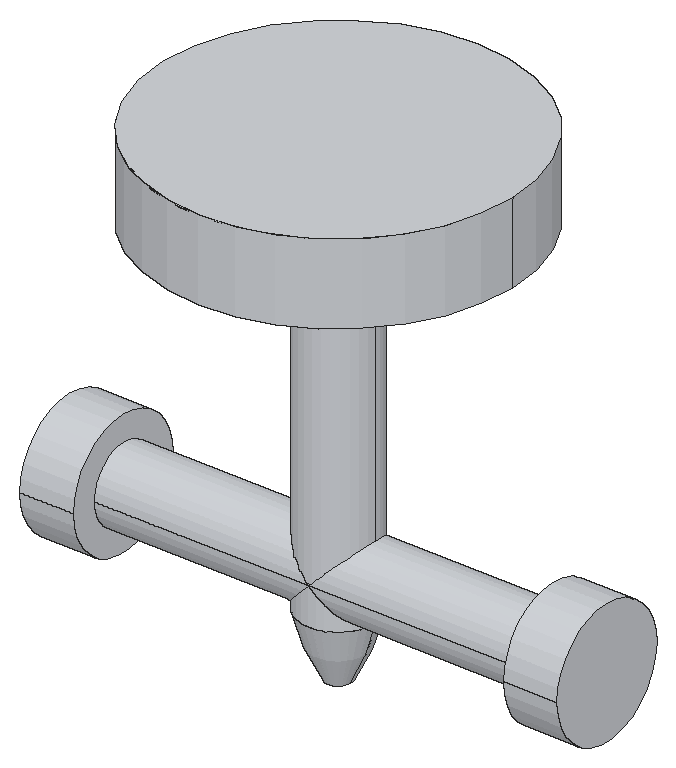
Revit family "M_Check Valve_Fitting", category Pipe Accessories, Revit 2017
Family settings
  Round Connector Dimension = Use Radius
  Part Type = Valve - Breaks Into
  OmniClass Number = 23.65.55.14.21
  OmniClass Title = Non-Return Valves for Liquid Services
  Work Plane-Based = No
  Always vertical = Yes
  Cut with Voids When Loaded = No
  Shared = No
Parameters (values of type "10 mm")
  Width 1 = Symbol Width / 8  # 1.876 mm
  Valve Material = none
  Symbol Width = 0.5 * Body Length * tan(30.00°)  # 15.011 mm
  Nominal Radius = 5 mm
  Nominal Diameter = Nominal Radius * 2  # 10 mm
  Length 2 = Symbol Width / 2  # 7.506 mm
  Length 1 = Body Radius / 3  # 1.2 mm
  K Coefficient = 0.35
  Height 1 = 6 mm
  Cover Thickness = 0.15 * Body Length  # 7.8 mm
  Cover Radius = Cover Diameter / 2  # 16.9 mm
  Cover Height = 38 mm
  Cover Diameter = 0.65 * Body Length  # 33.8 mm
  Body Radius = Body Diameter / 2  # 3.6 mm
  Body Length = 52 mm
  Body Diameter = 0.6 * Adapter Diameter  # 7.2 mm
  Adapter Radius = Adapter Diameter / 2  # 6 mm
  Adapter Length = 0.1 * Body Length  # 5.2 mm
  Adapter Diameter = 1.2 * Nominal Diameter  # 12 mm
Types (10, lengths in mm): name | Width 1 | Symbol Width | Nominal Radius | Nominal Diameter | Length 2 | Length 1 | K Coefficient | Height 1 | Cover Thickness | Cover Radius | Cover Height | Cover Diameter | Body Radius | Body Length | Body Diameter | Adapter Radius | Adapter Length | Adapter Diameter
  100 mm | 6.64 | 53.116 | 50 | 100 | 26.558 | 12 | 0.21 | 32 | 27.6 | 59.8 | 114 | 119.6 | 36 | 184 | 72 | 60 | 18.4 | 120
  10 mm | 1.876 | 15.011 | 5 | 10 | 7.506 | 1.2 | 0.35 | 6 | 7.8 | 16.9 | 38 | 33.8 | 3.6 | 52 | 7.2 | 6 | 5.2 | 12
  20 mm | 2.165 | 17.321 | 10 | 20 | 8.66 | 2.4 | 0.32 | 6 | 9 | 19.5 | 43 | 39 | 7.2 | 60 | 14.4 | 12 | 6 | 24
  80 mm | 5.377 | 43.013 | 40 | 80 | 21.506 | 9.6 | 0.32 | 25 | 22.35 | 48.425 | 95 | 96.85 | 28.8 | 149 | 57.6 | 48 | 14.9 | 96
  50 mm | 3.897 | 31.177 | 25 | 50 | 15.588 | 6 | 0.25 | 19 | 16.2 | 35.1 | 73 | 70.2 | 18 | 108 | 36 | 30 | 10.8 | 60
  65 mm | 5.052 | 40.415 | 32.5 | 65 | 20.207 | 7.8 | 0.24 | 19 | 21 | 45.5 | 89 | 91 | 23.4 | 140 | 46.8 | 39 | 14 | 78
  15 mm | 2.057 | 16.454 | 7.5 | 15 | 8.227 | 1.8 | 0.32 | 6 | 8.55 | 18.525 | 38 | 37.05 | 5.4 | 57 | 10.8 | 9 | 5.7 | 18
  25 mm | 2.526 | 20.207 | 12.5 | 25 | 10.104 | 3 | 0.31 | 13 | 10.5 | 22.75 | 49 | 45.5 | 9 | 70 | 18 | 15 | 7 | 30
  32 mm | 2.995 | 23.96 | 16 | 32 | 11.98 | 3.84 | 0.3 | 13 | 12.45 | 26.975 | 56 | 53.95 | 11.52 | 83 | 23.04 | 19.2 | 8.3 | 38.4
  40 mm | 3.32 | 26.558 | 20 | 40 | 13.279 | 4.8 | 0.28 | 13 | 13.8 | 29.9 | 59 | 59.8 | 14.4 | 92 | 28.8 | 24 | 9.2 | 48
Reference planes
  plane 1 "Center (Front/Back)": y = 0
  plane 2: z = 0
  plane 3 "Center (Left/Right)": x = 0
  plane 4: x = -26
  plane 5: x = 26
  plane 6: x = -20.8
  plane 7: x = 20.8
  plane 8: z = 30.2
  plane 9: z = 38
  plane 10: z = -3.6
  plane 11: z = -9.6
  plane 12: x = -1.2
  plane 13: x = -3.6
  plane 14: y = 6
  plane 15: y = -6
  plane 16: y = 15.011
  plane 17: y = -15.011
  plane 18: y = 16.887
  plane 19: y = 18.764
  plane 20: x = 13.294
Forms (mm)
  Extrusion 1, solid, material <- "Valve Material", detail levels fine
    sketch origin (0, 0, 0) x (0, 1, 0) y (0, 0, 1)
      loop
        circle (0, 0) r 3.6
    from -20.8 to 20.8
  Extrusion 2, solid, material <- "Valve Material", detail levels fine
    sketch origin (0, 0, 0) x (0, 1, 0) y (0, 0, 1)
      loop
        circle (0, 0) r 6
    from -26 to -20.8
  Extrusion 3, solid, material <- "Valve Material", detail levels fine
    sketch origin (0, 0, 0) x (0, 1, 0) y (0, 0, 1)
      loop
        circle (0, 0) r 6
    from 20.8 to 26
  Extrusion 4, solid, material <- "Valve Material", detail levels fine
    sketch origin (0, 0, 0) x (1, 0, 0) y (0, 1, 0)
      loop
        circle (0, 0) r 3.6
    from -3.6 to 30.2
  Extrusion 5, solid, material <- "Valve Material", detail levels fine
    sketch origin (0, 0, 0) x (1, 0, 0) y (0, 1, 0)
      loop
        circle (0, 0) r 16.9
    from 30.2 to 38
  Revolve 6, solid, material <- "Valve Material", detail levels fine
    sketch origin (0, 0, 0) x (1, 0, 0) y (0, 0, 1)
      loop
        arc (-3.6, -3.6) -> (-2.626, -6.69) -> (-1.2, -9.6) r 21.597
        line (-1.2, -9.6) -> (0, -9.6) -> (0, -3.6) -> (-3.6, -3.6)
      axis (0, -3.6) -> (0, -9.6)
    angle from 0 to 360
Cuts and joins
  joined: Extrusion 1, Extrusion 2, Extrusion 3, Extrusion 4, Extrusion 5, Revolve 6
Lines and regions (mm)
  model lines, detail levels coarse+medium
    curve 1: line (-26, 15.011, 0) -> (26, -15.011, 0)
    curve 2: line (-26, 15.011, 0) -> (-26, -15.011, 0)
    curve 3: line (26, 15.011, 0) -> (26, -15.011, 0)
    curve 4: line (-20.8, 16.887, 0) -> (20.8, 16.887, 0)
    curve 5: line (20.8, 16.887, 0) -> (13.294, 18.764, 0)
    curve 6: line (13.294, 18.764, 0) -> (13.294, 16.887, 0)
Dimensions and locks
  equal spacing: plane 4, plane 3 "Center (Left/Right)", plane 5
  "Body Length": plane 4 to plane 5
  "Adapter Length": plane 4 to plane 6
  "Adapter Length": plane 7 to plane 5
  "Cover Thickness": plane 9 to plane 8
  "Cover Height": plane 9 to plane 2
  "Body Radius": plane 2 to plane 10
  "Height 1": plane 10 to plane 11
  "Length 1": plane 3 "Center (Left/Right)" to plane 12
  "Body Radius": plane 3 "Center (Left/Right)" to plane 13
  "Adapter Radius": plane 14 to plane 1 "Center (Front/Back)"
  "Adapter Radius": plane 1 "Center (Front/Back)" to plane 15
  "Symbol Width": plane 16 to plane 1 "Center (Front/Back)"
  "Symbol Width": plane 1 "Center (Front/Back)" to plane 17
  "Width 1": plane 18 to plane 16
  "Width 1": plane 19 to plane 18
  "Length 2": plane 20 to plane 7
  "Body Radius": radius of Extrusion 1 sketch curve
  "Adapter Radius": radius of Extrusion 2 sketch curve
  "Adapter Radius": radius of Extrusion 3 sketch curve
  "Body Radius": radius of Extrusion 4 sketch curve
  "Cover Radius": radius of Extrusion 5 sketch curve
  aligned and locked: plane 2 to Extrusion 1 sketch curve
  aligned and locked: plane 1 "Center (Front/Back)" to Extrusion 1 sketch curve
  aligned and locked: Extrusion 1 to plane 6
  aligned and locked: plane 7 to Extrusion 1
  aligned and locked: plane 2 to Extrusion 2 sketch curve
  aligned and locked: plane 1 "Center (Front/Back)" to Extrusion 2 sketch curve
  aligned and locked: Extrusion 2 to plane 4
  aligned and locked: plane 6 to Extrusion 2
  aligned and locked: plane 2 to Extrusion 3 sketch curve
  aligned and locked: plane 1 "Center (Front/Back)" to Extrusion 3 sketch curve
  aligned and locked: Extrusion 3 to plane 7
  aligned and locked: plane 5 to Extrusion 3
  aligned and locked: plane 1 "Center (Front/Back)" to Extrusion 4 sketch curve
  aligned and locked: plane 3 "Center (Left/Right)" to Extrusion 4 sketch curve
  aligned and locked: Extrusion 4 to plane 10
  aligned and locked: plane 8 to Extrusion 4
  aligned and locked: plane 1 "Center (Front/Back)" to Extrusion 5 sketch curve
  aligned and locked: plane 3 "Center (Left/Right)" to Extrusion 5 sketch curve
  aligned and locked: Extrusion 5 to plane 8
  aligned and locked: plane 9 to Extrusion 5
  aligned and locked: plane 3 "Center (Left/Right)" to Revolve 6 sketch curve  (x2)
  aligned and locked: plane 13 to Revolve 6 sketch curve
  aligned and locked: Revolve 6 sketch curve to plane 10
  aligned and locked: plane 12 to Revolve 6 sketch curve
  aligned and locked: Revolve 6 sketch curve to plane 11
  aligned and locked: plane 10 to Revolve 6 sketch curve
  aligned and locked: plane 11 to Revolve 6 sketch curve
  aligned and locked: Revolve 6 sketch curve to plane 3 "Center (Left/Right)"
  aligned and locked: plane 16 to curve 1
  aligned and locked: plane 17 to curve 1
  aligned and locked: plane 5 to curve 1
  aligned and locked: plane 17 to curve 2
  aligned and locked: curve 2 to plane 4
  aligned and locked: plane 16 to curve 3
  aligned and locked: curve 3 to plane 5
  aligned and locked: plane 6 to curve 4
  aligned and locked: plane 7 to curve 4
  aligned and locked: curve 4 to plane 18
  aligned and locked: plane 19 to curve 5
  aligned and locked: plane 18 to curve 6
  aligned and locked: plane 20 to curve 6
Automatic sketch dimensions
  plane 10 to Revolve 6 sketch curve = 4.931 mm
  Revolve 6 sketch curve to Revolve 6 sketch curve = 4.888 mm
  Revolve 6 sketch curve to Revolve 6 sketch curve = 8.304 mm
Connectors
  piping at (-26, 0, 0), diameter 10, driven by "Nominal Radius"
    settings: on cut or joined group of Extrusion 1, Extrusion 2, Extrusion 3, Extrusion 4, Extrusion 5, Revolve 6, index 1, connector inside diameter 10 mm, connector length 0 mm, flow factor 0, pipe flow 0.0 L/s, pressure drop 0.0 Pa, fitting loss kfactor 0, connector angle 0.00°, fixture units 0, engagement length 0 mm, angle of deflection 0.00°, flow configuration 0, flow direction 1, fitting loss method 2, system type 28, joint type 0, gender type 0, connector reference index 2, connector utility 0, adjustable connector no, is connector primary yes, connector description "In"
  piping at (26, 0, 0), diameter 10, driven by "K Coefficient", driven by "Nominal Radius"
    settings: on cut or joined group of Extrusion 1, Extrusion 2, Extrusion 3, Extrusion 4, Extrusion 5, Revolve 6, index 2, connector inside diameter 10 mm, connector length 0 mm, flow factor 0, pipe flow 0.0 L/s, pressure drop 0.0 Pa, fitting loss kfactor 0.35, connector angle 0.00°, fixture units 0, engagement length 0 mm, angle of deflection 0.00°, flow configuration 0, flow direction 2, fitting loss method 2, system type 28, joint type 0, gender type 0, connector reference index 1, connector utility 0, adjustable connector no, is connector primary no, connector description "Out"
